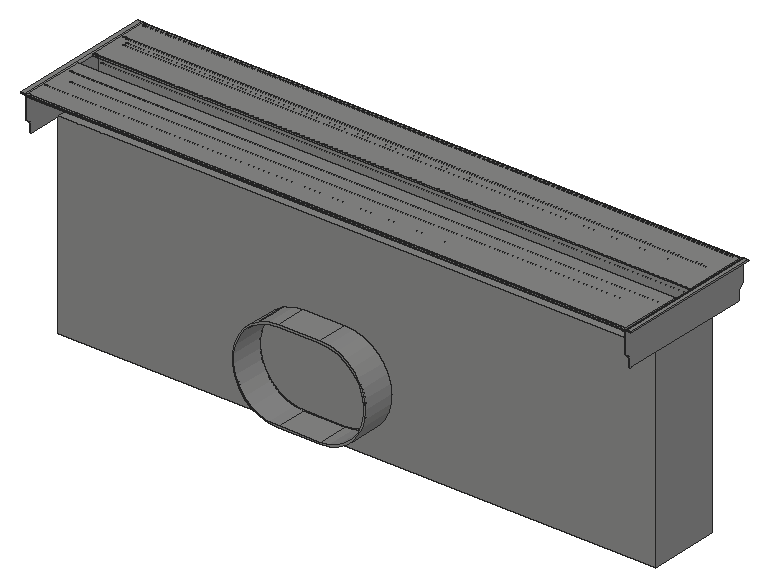
Revit family "Diffuser-Carnes-T_Bar_Mount-1-Slot-DTAA", category Duct Accessories, host Face, Revit 2014
Parameters (values of type "See Type Catalog")
  Supply Connector = yes
  Supply Connection = "Diffuser Supply Connector"  # constant formula
  Subcatagory = "Air Distribution"  # constant formula
  Specification Sheet = "http://www.carnes.com/AirDistribution/pdf/13100.pdf"
  Revit Object Download Link = "http://library.smartbim.com/download/Diffuser-Carnes-T_Bar_Mount-1-Slot-DTAA"
  Product Page URL = "http://www.carnes.com/AirDistribution/dtaa.phtml"
  Length = 24"
  Inlet Side Offset = 1 1/4"
  Inlet Nominal Size Width = 5 1/8"
  Inlet Nominal Size Height D = if(Inlet Nominal Size Width > 6", 5 1/4", 3 1/2")  # 3 1/2"
  Height = 9 1/16"  # constant formula
  Flow = 0 CFM
  Description = "Extruded Aluminum 1 Slot Diffuser T-Bar Mount"  # constant formula
  Profile Depth = 5.75918"
  URL = "http://www.carnes.com/"
  Model = "DTAA"  # constant formula
  Unit = Metal - Carnes - Steel Galvanized
  Manufacturer = "CARNES COMPANY"  # constant formula
  Depth = 2 3/4"
  Default Elevation = 0"
  D Depth = 2 3/4"
  Catalog = "http://www.carnes.com/AirDistribution/pdf/a462-465.pdf"
  Box Length = Length - 1/2"  # 23 1/2"
  B Radius = Inlet Width + 3"  # 63"
  Inlet Width = 60"
  Assembly Code = ""
  Inlet Offset = 10 1/2"
  95 CSI = ""
  04 CSI = ""
Reference planes (in)
  plane 1 "Center (Front/Back)": y = 0
  plane 2: z = 0
  plane 3 "Center (Left/Right)": x = 0.94
  plane 4: z = -1.25
  plane 5: y = 2.87959
  plane 6: y = -2.87959
  plane 7: z = 1.44451
  plane 8: x = -11.06
  plane 9: x = 12.94
  plane 10: z = -8.05549
  plane 11: z = -9.0625
Forms (in)
  Extrusion 1, void
    sketch origin (0.94, 0, 0) x (0, 1, 0) y (0, 0, 1)
      loop
        line (-1.375, 1.44451) -> (-1.375, -8.05549) -> (1.375, -8.05549) -> (1.375, 1.44451) -> (-1.375, 1.44451)
    from -12 to 12
Dimensions and locks (in)
  locked: plane 2 to plane 4 at 1.25
  equal spacing: plane 6, plane 1 "Center (Front/Back)", plane 5
  "Profile Depth": plane 6 to plane 5
  locked: plane 7 to host face at 1.44451
  equal spacing: plane 8, plane 3 "Center (Left/Right)", plane 9
  "Length": plane 8 to plane 9
  "D Depth": Extrusion 1 sketch curve to Extrusion 1 sketch curve
  plane 2 to plane 10 = 8.05549"
  "Height": plane 2 to plane 11
  aligned and locked: plane 2 to host face
  aligned and locked: level to host face
  aligned and locked: Extrusion 1 to plane 7
  aligned and locked: Extrusion 1 to plane 10
  aligned and locked: plane 9 to Extrusion 1
  aligned and locked: plane 8 to Extrusion 1
Automatic sketch dimensions
  Extrusion 1 sketch curve to plane 10 = 0"
  plane 7 to Extrusion 1 sketch curve = 0"
  plane 1 "Center (Front/Back)" to Extrusion 1 sketch curve = 1 3/8"
  host sketch curve to host sketch curve = 10.64644"
  host sketch curve to host sketch curve = 30.48379"
Nested families (in)
  nested 1: "602-1001" at (1.88, 0, 0.04219) x (-1, 0, 0) z (0, 0, -1), type "Slot 1"
  nested 2: "CXPC" at (1.88, 0.00043, 0.05188) x (-1, 0, 0) z (0, 0, -1), type "Parametric"
Connectors (in)
  hvac at (-0.31, -2.62457, -6.58911), driven by "Inlet Nominal Size Height D", driven by "Inlet Nominal Size Width", driven by "Supply Connector", driven by "Supply Connection"
    settings: on nested 2, index 1, duct flow 0 CFM, flow factor 0, pres drop 0.00 in-wg, loss coef 0, conn angle 0.00°, conn width 5 1/8", conn height 3 1/2", conn diameter 24", duct sys type 1, conn prof type 2, flow config 1, flow direction 1, loss method 0, conn ref index -1, conn util yes, is conn primary yes, conn desc "Diffuser Supply Connector"
Definition of nested family "602-1001"
  Parameters (values of type "Slot 1")
    Length = 24"
    URL = ""
    Model = ""
    Unit = Metal - Carnes - Steel Galvanized
    Manufacturer = ""
    Height = 1.44451"
    Depth = 5.75918"
    Default Elevation = 0"
    Assembly Code = ""
    95 CSI = ""
    04 CSI = ""
  Reference planes (in)
    plane 1 "Center (Front/Back)": y = 0
    plane 2: z = 0
    plane 3 "Center (Left/Right)": x = 0.94
    plane 4: z = -18
    plane 5: y = -2.87959
    plane 6: y = 2.87959
    plane 7: z = 1.44451
    plane 8: x = 12.94
    plane 9: x = -11.06
    plane 10: x = -10.81
    plane 11: x = 12.69
  Forms (in)
    Extrusion 1, solid
      sketch origin (0, -5, 0) x (1, 0, 0) y (0, 1, 0)
        loop
          line (-48, 48) -> (-48, -48) -> (48, -48) -> (48, 48) -> (-48, 48)
      from 0 to -1
    Sweep 2, solid, material "Metal - Carnes - Steel Galvanized" <- "Unit"
      path origin (0, 0, 0) x (1, 0, 0) y (0, 0, -1)
        loop
          line (-10.81, -1.4375) -> (12.69, -1.4375)
      profile origin (0.94, 0, 1.4375) x (0, 0, -1) y (0, 1, 0)
        loop
          line (0.77177, 0.66971) -> (0.02351, 0.67212)
          arc (0.02351, 0.67212) -> (0.00689, 0.66528) -> (0, 0.64868) r 0.02344
          line (0, 0.64868) -> (0, 0.52249)
          arc (0, 0.52249) -> (0.00711, 0.50528) -> (0.0243, 0.49811) r 0.02438
          line (0.0243, 0.49811) -> (0.12374, 0.49779)
          arc (0.12374, 0.49779) -> (0.13793, 0.50363) -> (0.14381, 0.5178) r 0.02001
          line (0.14381, 0.5178) -> (0.14381, 0.57203) -> (0.08198, 0.57203) -> (0.08198, 0.62193) -> (1.35805, 0.62193) -> (1.35805, 0.56982) -> (1.29798, 0.56982) -> (1.29798, 0.51394)
          arc (1.29798, 0.51394) -> (1.30384, 0.4998) -> (1.31798, 0.49395) r 0.01999
          line (1.31798, 0.49395) -> (1.36794, 0.49395)
          arc (1.36794, 0.49395) -> (1.38311, 0.48766) -> (1.38939, 0.47249) r 0.02146
          line (1.38939, 0.47249) -> (1.38939, 0.36155) -> (1.43931, 0.36155) -> (1.4473, 2.84098)
          arc (1.4473, 2.84098) -> (1.4415, 2.85523) -> (1.42736, 2.86129) r 0.02024
          line (1.42736, 2.86129) -> (1.37214, 2.8621)
          arc (1.37214, 2.8621) -> (1.3472, 2.83715) -> (1.37214, 2.81221) r 0.02494
          arc (1.37214, 2.81221) -> (1.38952, 2.8078) -> (1.39714, 2.79156) r 0.02097
          line (1.39714, 2.79156) -> (1.39464, 2.01695)
          arc (1.39464, 2.01695) -> (1.36148, 1.9729) -> (1.30987, 1.99227) r 0.04603
          arc (1.30987, 1.99227) -> (1.21866, 2.05073) -> (1.11491, 2.01955) r 0.12967
          arc (1.11491, 2.01955) -> (1.11307, 1.98093) -> (1.15173, 1.98027) r 0.02693
          arc (1.15173, 1.98027) -> (1.26735, 1.93319) -> (1.15309, 1.8829) r 0.06779
          arc (1.15309, 1.8829) -> (1.11184, 1.88048) -> (1.11661, 1.83943) r 0.02842
          arc (1.11661, 1.83943) -> (1.21727, 1.81173) -> (1.31004, 1.85962) r 0.14342
          arc (1.31004, 1.85962) -> (1.3613, 1.87887) -> (1.39406, 1.83498) r 0.04558
          line (1.39406, 1.83498) -> (1.39069, 0.78783) -> (1.34866, 0.78783)
          arc (1.34866, 0.78783) -> (1.33442, 0.78193) -> (1.32852, 0.76768) r 0.02014
          line (1.32852, 0.76768) -> (1.32852, 0.73691) -> (1.39052, 0.73671) -> (1.3903, 0.66771) -> (0.8443, 0.66947) -> (0.84452, 0.73652) -> (0.90652, 0.73632) -> (0.90652, 0.76854)
          arc (0.90652, 0.76854) -> (0.90075, 0.78251) -> (0.88679, 0.78834) r 0.0198
          line (0.88679, 0.78834) -> (0.81481, 0.78857)
          arc (0.81481, 0.78857) -> (0.80056, 0.78272) -> (0.79462, 0.76851) r 0.02012
          line (0.79462, 0.76851) -> (0.79437, 0.69216)
          arc (0.79437, 0.69216) -> (0.78772, 0.67625) -> (0.77177, 0.66971) r 0.02253
        loop
          arc (0.77177, -0.66971) -> (0.78772, -0.67625) -> (0.79437, -0.69216) r 0.02253
          line (0.79437, -0.69216) -> (0.79462, -0.76851)
          arc (0.79462, -0.76851) -> (0.80056, -0.78272) -> (0.81481, -0.78857) r 0.02012
          line (0.81481, -0.78857) -> (0.88679, -0.78834)
          arc (0.88679, -0.78834) -> (0.90075, -0.78251) -> (0.90652, -0.76854) r 0.0198
          line (0.90652, -0.76854) -> (0.90652, -0.73632) -> (0.84452, -0.73652) -> (0.8443, -0.66947) -> (1.3903, -0.66771) -> (1.39052, -0.73671) -> (1.32852, -0.73691) -> (1.32852, -0.76768)
          arc (1.32852, -0.76768) -> (1.33442, -0.78193) -> (1.34866, -0.78783) r 0.02014
          line (1.34866, -0.78783) -> (1.39069, -0.78783) -> (1.39406, -1.83498)
          arc (1.39406, -1.83498) -> (1.3613, -1.87887) -> (1.31004, -1.85962) r 0.04558
          arc (1.31004, -1.85962) -> (1.21727, -1.81173) -> (1.11661, -1.83943) r 0.14342
          arc (1.11661, -1.83943) -> (1.11184, -1.88048) -> (1.15309, -1.8829) r 0.02842
          arc (1.15309, -1.8829) -> (1.26735, -1.93319) -> (1.15173, -1.98027) r 0.06779
          arc (1.15173, -1.98027) -> (1.11307, -1.98093) -> (1.11491, -2.01955) r 0.02693
          arc (1.11491, -2.01955) -> (1.21866, -2.05073) -> (1.30987, -1.99227) r 0.12967
          arc (1.30987, -1.99227) -> (1.36148, -1.9729) -> (1.39464, -2.01695) r 0.04603
          line (1.39464, -2.01695) -> (1.39714, -2.79156)
          arc (1.39714, -2.79156) -> (1.38952, -2.8078) -> (1.37214, -2.81221) r 0.02097
          arc (1.37214, -2.81221) -> (1.3472, -2.83715) -> (1.37214, -2.8621) r 0.02494
          line (1.37214, -2.8621) -> (1.42736, -2.86129)
          arc (1.42736, -2.86129) -> (1.4415, -2.85523) -> (1.4473, -2.84098) r 0.02024
          line (1.4473, -2.84098) -> (1.43931, -0.36155) -> (1.38939, -0.36155) -> (1.38939, -0.47249)
          arc (1.38939, -0.47249) -> (1.38311, -0.48766) -> (1.36794, -0.49395) r 0.02146
          line (1.36794, -0.49395) -> (1.31798, -0.49395)
          arc (1.31798, -0.49395) -> (1.30384, -0.4998) -> (1.29798, -0.51394) r 0.01999
          line (1.29798, -0.51394) -> (1.29798, -0.56982) -> (1.35805, -0.56982) -> (1.35805, -0.62193) -> (0.08198, -0.62193) -> (0.08198, -0.57203) -> (0.14381, -0.57203) -> (0.14381, -0.5178)
          arc (0.14381, -0.5178) -> (0.13793, -0.50363) -> (0.12374, -0.49779) r 0.02001
          line (0.12374, -0.49779) -> (0.0243, -0.49811)
          arc (0.0243, -0.49811) -> (0.00711, -0.50528) -> (0, -0.52249) r 0.02438
          line (0, -0.52249) -> (0, -0.64868)
          arc (0, -0.64868) -> (0.00689, -0.66528) -> (0.02351, -0.67212) r 0.02344
          line (0.02351, -0.67212) -> (0.77177, -0.66971)
    Sweep 3, solid, material "Metal - Carnes - Steel Galvanized" <- "Unit"
      path origin (0.94, 0, 0) x (0, 1, 0) y (0, 0, 1)
        loop
          line (2.87959, 1.44451) -> (-2.87959, 1.44451)
      profile origin (0.94, 0, 1.44451) x (0, 0, -1) y (1, 0, 0)
        loop
          line (1.3803, -11.75) -> (0, -11.75) -> (0, -11.7859) -> (1.37428, -11.7859)
          arc (1.37428, -11.7859) -> (1.39593, -11.79487) -> (1.40489, -11.81651) r 0.03061
          line (1.40489, -11.81651) -> (1.40489, -12) -> (1.44451, -12) -> (1.44451, -11.81421)
          arc (1.44451, -11.81421) -> (1.4257, -11.76881) -> (1.3803, -11.75) r 0.06421
        loop
          arc (1.3803, 11.75) -> (1.4257, 11.76881) -> (1.44451, 11.81421) r 0.06421
          line (1.44451, 11.81421) -> (1.44451, 12) -> (1.40489, 12) -> (1.40489, 11.81651)
          arc (1.40489, 11.81651) -> (1.39593, 11.79487) -> (1.37428, 11.7859) r 0.03061
          line (1.37428, 11.7859) -> (0, 11.7859) -> (0, 11.75) -> (1.3803, 11.75)
    Extrusion 4, void
      sketch origin (0.94, 0, 0) x (0, 1, 0) y (0, 0, 1)
        loop
          line (2.87959, 1.44451) -> (2.62155, 1.44451)
          arc (2.62155, 1.44451) -> (2.66739, 1.42552) -> (2.68638, 1.37968) r 0.06483
          line (2.68638, 1.37968) -> (2.68638, 1.10478)
          arc (2.68638, 1.10478) -> (2.69029, 1.08506) -> (2.70142, 1.06831) r 0.05175
          line (2.70142, 1.06831) -> (2.87959, 0.88899) -> (2.87959, 1.44451)
        loop
          line (-2.87959, 1.44451) -> (-2.87959, 0.88899) -> (-2.70142, 1.06831)
          arc (-2.70142, 1.06831) -> (-2.69029, 1.08506) -> (-2.68638, 1.10478) r 0.05175
          line (-2.68638, 1.10478) -> (-2.68638, 1.37968)
          arc (-2.68638, 1.37968) -> (-2.66739, 1.42552) -> (-2.62155, 1.44451) r 0.06483
          line (-2.62155, 1.44451) -> (-2.87959, 1.44451)
      from -12 to 12
  Cuts and joins
    Extrusion 4 cuts Sweep 3
  Lines and regions (in)
    Masking region 1
      outline origin (0, 0, 0) x (1, 0, 0) y (0, 1, 0)
        loop
          line (-11.06, 2.87959) -> (-11.06, -2.87959) -> (12.94, -2.87959) -> (12.94, 2.87959) -> (-11.06, 2.87959)
    symbolic lines, style "Diffuser"
      curve 1: line (-10.81, 0.36155, 0) -> (12.69, 0.36155, 0)
      curve 2: line (12.69, -0.36155, 0) -> (-10.81, -0.36155, 0)
      curve 3: line (12.69, -2.87959, 0) -> (12.69, 2.87959, 0)
      curve 4: line (-10.81, 2.87959, 0) -> (-10.81, -2.87959, 0)
  Dimensions and locks (in)
    locked: plane 2 to plane 4 at 18
    plane 7 to Extrusion 1 = 1.44451"
    locked: plane 10 to plane 9 at 0.25
    locked: plane 8 to plane 11 at 0.25
    "Height": plane 7 to Extrusion 1
    equal spacing: plane 5, plane 1 "Center (Front/Back)", plane 6
    "Depth": plane 5 to plane 6
    equal spacing: plane 8, plane 3 "Center (Left/Right)", plane 9
    "Length": plane 8 to plane 9
    aligned and locked: plane 2 to Extrusion 1
    aligned and locked: level to Extrusion 1
    aligned and locked: plane 11 to Sweep 2 sketch curve
    aligned and locked: plane 10 to Sweep 2 sketch curve
    aligned and locked: Sweep 3 sketch curve to plane 10
    aligned and locked: Extrusion 4 to plane 9
    aligned and locked: Extrusion 4 to plane 8
    aligned and locked: plane 11 to Sweep 3 sketch curve
  Automatic sketch dimensions
    Extrusion 1 sketch curve to Extrusion 1 sketch curve = 96"  (x2)
    level to Sweep 2 sketch curve = 1 7/16"
    Sweep 3 sketch curve to plane 5 = 0"
    Sweep 3 sketch curve to plane 6 = 0"
    plane 7 to Sweep 3 sketch curve = 0"
    Sweep 2 sketch curve to profile plane = 0"  (x2)
    Sweep 2 sketch curve to Sweep 2 sketch curve = 3/128"  (x2)
    Sweep 2 sketch curve to Sweep 2 sketch curve = 0.00008"  (x4)
    Sweep 2 sketch curve to profile plane = 0.0243"  (x2)
    Sweep 2 sketch curve to Sweep 2 sketch curve = 0.0576"  (x2)
    Sweep 2 sketch curve to Sweep 2 sketch curve = 0.04175"  (x2)
    Sweep 2 sketch curve to Sweep 2 sketch curve = 0.00006"  (x8)
    Sweep 2 sketch curve to Sweep 2 sketch curve = 0.02001"  (x2)
    Sweep 2 sketch curve to Sweep 2 sketch curve = 0.62797"  (x2)
    Sweep 2 sketch curve to Sweep 2 sketch curve = 0.00007"  (x7)
    Sweep 2 sketch curve to Sweep 2 sketch curve = 0.02253"  (x2)
    Sweep 2 sketch curve to Sweep 2 sketch curve = 0.00025"  (x2)
    Sweep 2 sketch curve to Sweep 2 sketch curve = 0.02012"  (x2)
    Sweep 2 sketch curve to Sweep 2 sketch curve = 0.04993"  (x2)
    profile plane to Sweep 2 sketch curve = 0.73652"
    Sweep 2 sketch curve to Sweep 2 sketch curve = 0.02978"  (x2)
    Sweep 2 sketch curve to profile plane = 0.73652"
    Sweep 2 sketch curve to Sweep 2 sketch curve = 0.04221"  (x2)
    Sweep 2 sketch curve to Sweep 2 sketch curve = 0.0198"  (x2)
    Sweep 2 sketch curve to profile plane = 1.13272"  (x2)
    Sweep 2 sketch curve to Sweep 2 sketch curve = 0.00089"  (x2)
    Sweep 2 sketch curve to Sweep 2 sketch curve = 0.06685"  (x2)
    Sweep 2 sketch curve to Sweep 2 sketch curve = 0.00112"  (x2)
    Sweep 2 sketch curve to Sweep 2 sketch curve = 0.00281"  (x2)
    Sweep 2 sketch curve to Sweep 2 sketch curve = 0.39146"  (x2)
    Sweep 2 sketch curve to Sweep 2 sketch curve = 0.01999"  (x2)
    Sweep 2 sketch curve to Sweep 2 sketch curve = 0.03054"  (x2)
    Sweep 2 sketch curve to Sweep 2 sketch curve = 0.14779"  (x2)
    Sweep 2 sketch curve to Sweep 2 sketch curve = 0.14624"  (x2)
    Sweep 2 sketch curve to Sweep 2 sketch curve = 0.02014"  (x2)
    Sweep 2 sketch curve to Sweep 2 sketch curve = 0.06007"  (x2)
    Sweep 2 sketch curve to Sweep 2 sketch curve = 0.04996"  (x2)
    Sweep 2 sketch curve to Sweep 2 sketch curve = 0.02352"  (x2)
    Sweep 2 sketch curve to Sweep 2 sketch curve = 0.00403"  (x2)
    Sweep 2 sketch curve to Sweep 2 sketch curve = 0.02146"  (x2)
    Sweep 2 sketch curve to profile plane = 0.66771"
    Sweep 2 sketch curve to Sweep 2 sketch curve = 0.03224"  (x2)
    profile plane to Sweep 2 sketch curve = 0.66771"
    Sweep 2 sketch curve to profile plane = 0.73671"
    profile plane to Sweep 2 sketch curve = 0.73671"
    Sweep 2 sketch curve to Sweep 2 sketch curve = 0.04202"  (x2)
    Sweep 2 sketch curve to Sweep 2 sketch curve = 0.04558"  (x2)
    Sweep 2 sketch curve to Sweep 2 sketch curve = 0.04603"  (x2)
    Sweep 2 sketch curve to Sweep 2 sketch curve = 0.02097"  (x2)
    Sweep 2 sketch curve to Sweep 2 sketch curve = 0.05492"  (x2)
    Sweep 2 sketch curve to Sweep 2 sketch curve = 0.0003"  (x2)
    Sweep 2 sketch curve to profile plane = 0.36155"
    Sweep 2 sketch curve to Sweep 2 sketch curve = 0.04992"  (x2)
    profile plane to Sweep 2 sketch curve = 0.36155"
    Sweep 2 sketch curve to Sweep 2 sketch curve = 0.02024"  (x2)
    Sweep 2 sketch curve to Sweep 2 sketch curve = 0.03077"  (x2)
    Sweep 2 sketch curve to Sweep 2 sketch curve = 0.03193"  (x2)
    Sweep 2 sketch curve to Sweep 2 sketch curve = 0.03222"  (x2)
    Sweep 2 sketch curve to Sweep 2 sketch curve = 1.04716"  (x2)
    Sweep 2 sketch curve to Sweep 2 sketch curve = 0.00015"  (x4)
    Sweep 2 sketch curve to Sweep 2 sketch curve = 0.02708"  (x2)
    Sweep 2 sketch curve to Sweep 2 sketch curve = 0.0601"  (x2)
    Sweep 2 sketch curve to Sweep 2 sketch curve = 0.00994"  (x2)
    Sweep 2 sketch curve to Sweep 2 sketch curve = 0.02214"  (x2)
    Sweep 2 sketch curve to Sweep 2 sketch curve = 0.04497"  (x2)
    Sweep 2 sketch curve to Sweep 2 sketch curve = 0.18196"  (x2)
    Sweep 2 sketch curve to Sweep 2 sketch curve = 0.77462"  (x2)
    Sweep 2 sketch curve to Sweep 2 sketch curve = 0.02494"  (x2)
    Sweep 2 sketch curve to Sweep 2 sketch curve = 0.04942"  (x2)
    Sweep 2 sketch curve to Sweep 2 sketch curve = 0.02276"
    Sweep 2 sketch curve to profile plane = 0.67212"
    Sweep 2 sketch curve to Sweep 2 sketch curve = 0.04579"
    Sweep 2 sketch curve to Sweep 2 sketch curve = 0.0499"
    Sweep 2 sketch curve to Sweep 2 sketch curve = 0.05211"  (x2)
    Sweep 2 sketch curve to Sweep 2 sketch curve = 0.04954"
    Sweep 2 sketch curve to Sweep 2 sketch curve = 0.05423"  (x2)
    Sweep 2 sketch curve to Sweep 2 sketch curve = 0.05588"  (x2)
    Sweep 2 sketch curve to Sweep 2 sketch curve = 0.11094"
    profile plane to Sweep 2 sketch curve = 0.49779"
    Sweep 2 sketch curve to Sweep 2 sketch curve = 0.00032"
    Sweep 2 sketch curve to Sweep 2 sketch curve = 0.02675"
    Sweep 2 sketch curve to Sweep 2 sketch curve = 0.00023"
    Sweep 2 sketch curve to Sweep 2 sketch curve = 0.02245"
    Sweep 2 sketch curve to Sweep 2 sketch curve = 0.01782"  (x2)
    Sweep 2 sketch curve to Sweep 2 sketch curve = 0"  (x6)
    Sweep 2 sketch curve to Sweep 2 sketch curve = 0.017"  (x2)
    Extrusion 4 sketch curve to plane 5 = 0"
    plane 7 to Extrusion 4 sketch curve = 0"  (x2)
    Extrusion 4 sketch curve to plane 6 = 0"
    plane 5 to Extrusion 4 sketch curve = 0.14146"
    Extrusion 4 sketch curve to Extrusion 4 sketch curve = 0.03671"
    Extrusion 4 sketch curve to Extrusion 4 sketch curve = 0.01504"  (x2)
    Extrusion 4 sketch curve to Extrusion 4 sketch curve = 0.06483"
    plane 7 to Extrusion 4 sketch curve = 0.06483"
    plane 6 to Extrusion 4 sketch curve = 0.25804"
    Extrusion 4 sketch curve to Extrusion 4 sketch curve = 0.05175"
    Extrusion 4 sketch curve to Extrusion 4 sketch curve = 0.27489"  (x2)
    Extrusion 4 sketch curve to Extrusion 4 sketch curve = 0.17932"  (x2)
    Masking region 1 sketch curve to plane 5 = 0"
    Masking region 1 sketch curve to plane 9 = 0"
    Masking region 1 sketch curve to plane 8 = 0"
    plane 6 to Masking region 1 sketch curve = 0"
    Sweep 3 sketch curve to profile plane = 0"  (x2)
    Sweep 3 sketch curve to profile plane = 1.37428"  (x2)
    Sweep 3 sketch curve to Sweep 3 sketch curve = 0.00602"  (x2)
    Sweep 3 sketch curve to Sweep 3 sketch curve = 0.03061"
    Sweep 3 sketch curve to Sweep 3 sketch curve = 0.0246"
    Sweep 3 sketch curve to Sweep 3 sketch curve = 0.03961"  (x2)
    Sweep 3 sketch curve to Sweep 3 sketch curve = 0.0023"
    Sweep 3 sketch curve to Sweep 3 sketch curve = 0.18579"  (x2)
    Sweep 3 sketch curve to Sweep 3 sketch curve = 0.0359"
    curve 2 to plane 10 = 0"
    plane 6 to curve 3 = 0"
    curve 3 to plane 11 = 0"
    curve 3 to plane 5 = 0"
    curve 4 to plane 5 = 0"
    plane 6 to curve 4 = 0"
    plane 1 "Center (Front/Back)" to curve 2 = 0.36155"
    curve 1 to plane 1 "Center (Front/Back)" = 0.36155"
Definition of nested family "CXPC"
  Parameters (values of type "Parametric")
    Slot Width = 1 75/128"
    Inlet Offset = 1 1/4"
    Inlet Nominal Size Width = 5 1/8"
    Inlet Nominal Size Height D = if(Inlet Nominal Size Width > 6", 5 1/4", 3 1/2")  # 3 1/2"
    Half Inlet Width = Inlet Nominal Size Width / 2  # 2 9/16"
    Length = 23 1/2"
    Depth = 2 3/4"
    Height = 9 1/16"  # constant formula
    URL = "http://www.carnes.com/"
    Model = "DGAA"  # constant formula
    Unit = Metal - Carnes - Steel Galvanized
    Manufacturer = ""
    Default Elevation = 0"
    B Radius = B + 3"  # 63"
    B = 60"
    Assembly Code = ""
    A = 10 1/2"
    95 CSI = ""
    04 CSI = ""
  Reference planes (in)
    plane 1 "Center (Front/Back)": y = 0
    plane 2: z = 0
    plane 3 "Center (Left/Right)": x = 0.94
    plane 4: x = -10.81
    plane 5: x = 12.69
    plane 6: z = 9.0625
    plane 7: z = 8.5625
    plane 8: z = 60
    plane 9: x = -10.7475
    plane 10: x = 12.6275
    plane 11: z = -18
    plane 12: y = 1.375
    plane 13: y = 1.125
    plane 14: y = -1.375
    plane 15: y = -1.125
    plane 16: y = -2.625
    plane 17: x = 2.19
    plane 18: z = 0.84375
    plane 19: y = -0.79297
    plane 20: y = 0.79297
    plane 21: z = 8.39099
    plane 22: z = 4.89099
  Forms (in)
    Extrusion 1, solid
      sketch origin (0, 0, 0) x (1, 0, 0) y (0, 1, 0)
        loop
          line (-10.81, 1.375) -> (-10.81, -2.625) -> (12.69, -2.625) -> (12.69, 1.375) -> (-10.81, 1.375)
      from 0 to -1
    Extrusion 2, solid, material "Metal - Carnes - Steel Galvanized" <- "Unit"
      sketch origin (0, 0, 0) x (1, 0, 0) y (0, 0, 1)
        loop
          line (-10.81, 9.0625) -> (-10.81, 8.5625) -> (12.69, 8.5625) -> (12.69, 9.0625) -> (-10.81, 9.0625)
      from -1.125 to 1.125
    Extrusion 3, solid, material "Metal - Carnes - Steel Galvanized" <- "Unit"
      sketch origin (0, 0, 0) x (1, 0, 0) y (0, 1, 0)
        loop
          line (-10.81, 1.375) -> (-10.81, 1.125) -> (12.69, 1.125) -> (12.69, 1.375) -> (-10.81, 1.375)
        loop
          line (-10.81, -1.125) -> (-10.81, -1.375) -> (12.69, -1.375) -> (12.69, -1.125) -> (-10.81, -1.125)
      from 1.4375 to 9.0625
    Sweep 4, solid, material "Metal - Carnes - Steel Galvanized" <- "Unit"
      path in 3D
        loop
          line (-10.81, -1.125, 1.4375) -> (12.69, -1.125, 1.4375)
      profile origin (0.94, -1.125, 1.4375) x (0, -1, 0) y (0, 0, -1)
        loop
          line (-1.91797, 0) -> (-1.91797, 0.89784)
          arc (-1.91797, 0.89784) -> (-1.88726, 0.92855) -> (-1.85655, 0.89784) r 0.03071
          line (-1.85655, 0.89784) -> (-1.85655, 0.83461) -> (-1.8253, 0.83461) -> (-1.8253, 0.89765)
          arc (-1.8253, 0.89765) -> (-1.88727, 0.95963) -> (-1.94925, 0.89765) r 0.06198
          line (-1.94925, 0.89765) -> (-1.94925, 0.03125) -> (-2.5, 0.03125) -> (-2.5, 0) -> (-1.91797, 0)
        loop
          line (-0.33203, 0) -> (0.25, 0) -> (0.25, 0.03125) -> (-0.30075, 0.03125) -> (-0.30075, 0.89765)
          arc (-0.30075, 0.89765) -> (-0.36273, 0.95963) -> (-0.4247, 0.89765) r 0.06198
          line (-0.4247, 0.89765) -> (-0.4247, 0.83461) -> (-0.39345, 0.83461) -> (-0.39345, 0.89784)
          arc (-0.39345, 0.89784) -> (-0.36274, 0.92855) -> (-0.33203, 0.89784) r 0.03071
          line (-0.33203, 0.89784) -> (-0.33203, 0)
    Extrusion 5, solid, material "Metal - Carnes - Steel Galvanized" <- "Unit"
      sketch origin (12.69, 0, 9.0625) x (0, 0, -1) y (0, 1, 0)
        loop
          line (0, -1.375) -> (7.625, -1.375) -> (7.625, 1.375) -> (0, 1.375) -> (0, -1.375)
      from -0.0625 to 0
    Extrusion 6, solid, material "Metal - Carnes - Steel Galvanized" <- "Unit"
      sketch origin (-10.81, 0, 9.0625) x (0, 0, -1) y (0, -1, 0)
        loop
          line (0, 1.375) -> (0, -1.375) -> (7.625, -1.375) -> (7.625, 1.375) -> (0, 1.375)
      from -0.0625 to 0
    Extrusion 7, void
      sketch origin (0, 0, 0) x (1, 0, 0) y (0, 0, 1)
        loop
          arc (1.3775, 8.39099) -> (-0.3725, 6.64099) -> (1.3775, 4.89099) r 1.75
          line (1.3775, 4.89099) -> (3.0025, 4.89099)
          arc (3.0025, 4.89099) -> (4.7525, 6.64099) -> (3.0025, 8.39099) r 1.75
          line (3.0025, 8.39099) -> (1.3775, 8.39099)
      from 1.375 to 1.34378
    Extrusion 8, solid, material "Metal - Carnes - Steel Galvanized" <- "Unit"
      sketch origin (-11.06, -0.875, 0) x (1, 0, 0) y (0, 0, 1)
        loop
          arc (12.4375, 8.39099) -> (10.6875, 6.64099) -> (12.4375, 4.89099) r 1.75
          line (12.4375, 4.89099) -> (14.0625, 4.89099)
          arc (14.0625, 4.89099) -> (15.8125, 6.64099) -> (14.0625, 8.39099) r 1.75
          line (14.0625, 8.39099) -> (12.4375, 8.39099)
        loop
          arc (12.4375, 8.45349) -> (10.625, 6.64099) -> (12.4375, 4.82849) r 1.8125
          line (12.4375, 4.82849) -> (14.0625, 4.82849)
          arc (14.0625, 4.82849) -> (15.875, 6.64099) -> (14.0625, 8.45349) r 1.8125
          line (14.0625, 8.45349) -> (12.4375, 8.45349)
      from 0.25 to 1.75
  Cuts and joins
    Extrusion 7 cuts Extrusion 2
    Extrusion 7 cuts Extrusion 3
    Extrusion 7 cuts Sweep 4
    Extrusion 7 cuts Extrusion 5
    Extrusion 7 cuts Extrusion 6
    joined: Extrusion 2, Extrusion 3, Sweep 4, Extrusion 5, Extrusion 6
  Lines and regions (in)
    sketch lines
      curve 1: line (-10.81, -1.125, 1.4375) -> (12.69, -1.125, 1.4375)
  Dimensions and locks (in)
    equal spacing: plane 4, plane 3 "Center (Left/Right)", plane 5
    "Length": plane 4 to plane 5
    "Height": plane 6 to plane 2
    locked: plane 6 to plane 7 at 0.5
    level to plane 11 = 18"
    plane 6 to Extrusion 1 = 9 1/16"
    plane 8 to Extrusion 1 = 60"
    "Inlet Offset": plane 16 to plane 14
    "Depth": plane 12 to plane 14
    locked: plane 15 to plane 14 at 0.25
    locked: plane 12 to plane 13 at 0.25
    equal spacing: plane 12, plane 1 "Center (Front/Back)", plane 14
    locked: plane 10 to plane 5 at 0.0625
    locked: plane 9 to plane 4 at 0.0625
    "B": plane 8 to plane 2
    "A": plane 17 to plane 5
    locked: plane 18 to plane 2 at 0.84375
    Sweep 4 sketch curve to plane 18 to Sweep 4 sketch curve to Sweep 4 sketch curve to Sweep 4 sketch curve = 9/16" locked, 0.24086" locked, 0.09394" locked, 0.03107" locked  (x2)
    Sweep 4 sketch curve to Sweep 4 sketch curve to plane 19 to Sweep 4 sketch curve = 1/32" locked, 0.06142" locked, 0.03128" locked
    Sweep 4 sketch curve to plane 20 to Sweep 4 sketch curve to Sweep 4 sketch curve = 0.03128" locked, 0.06142" locked, 1/32" locked
    equal spacing: plane 20, plane 1 "Center (Front/Back)", plane 19
    "Slot Width": plane 20 to plane 19
    "Half Inlet Width": plane 17 to Extrusion 8 sketch curve
    "Half Inlet Width": Extrusion 8 sketch curve to plane 17
    "Inlet Nominal Size Height D": plane 21 to plane 22
    aligned and locked: plane 2 to Extrusion 1
    aligned and locked: level to Extrusion 1
    aligned and locked: Extrusion 2 sketch curve to plane 6
    aligned and locked: Extrusion 2 sketch curve to plane 7
    aligned and locked: Extrusion 2 sketch curve to plane 4
    aligned and locked: plane 5 to Extrusion 2 sketch curve
    aligned and locked: Extrusion 3 sketch curve to plane 12
    aligned and locked: Extrusion 3 sketch curve to plane 13
    aligned and locked: plane 15 to Extrusion 3 sketch curve
    aligned and locked: plane 14 to Extrusion 3 sketch curve
    aligned and locked: Extrusion 3 sketch curve to plane 4
    aligned and locked: plane 5 to Extrusion 3 sketch curve
    aligned and locked: plane 6 to Extrusion 3
    aligned and locked: Extrusion 2 to Extrusion 3  (x2)
    aligned and locked: plane 10 to Extrusion 5
    aligned and locked: Extrusion 5 to plane 5
    aligned and locked: Extrusion 6 sketch curve to cut or joined group of Extrusion 2, Extrusion 3, Sweep 4, Extrusion 5, Extrusion 6, Extrusion 7  (x2)
    aligned and locked: cut or joined group of Extrusion 2, Extrusion 3, Sweep 4, Extrusion 5, Extrusion 6, Extrusion 7 to Extrusion 6 sketch curve
    aligned and locked: plane 9 to Extrusion 6
    aligned and locked: Extrusion 6 to plane 4
    aligned and locked: plane 5 to cut or joined group of Extrusion 2, Extrusion 3, Sweep 4, Extrusion 5, Extrusion 6, Extrusion 7
    aligned and locked: Extrusion 7 to plane 14
    aligned and locked: Extrusion 6 to Extrusion 3
    aligned and locked: cut or joined group of Extrusion 2, Extrusion 3, Sweep 4, Extrusion 5, Extrusion 6, Extrusion 7 to cut or joined group of Extrusion 2, Extrusion 3, Sweep 4, Extrusion 5, Extrusion 6, Extrusion 7
    aligned and locked: plane 12 to Sweep 4 sketch curve
    aligned and locked: Sweep 4 sketch curve to plane 14
    aligned and locked: plane 19 to Sweep 4 sketch curve
    aligned and locked: Sweep 4 sketch curve to plane 20
    aligned and locked: Extrusion 8 to plane 16
    aligned and locked: cut or joined group of Extrusion 2, Extrusion 3, Sweep 4, Extrusion 5, Extrusion 6, Extrusion 7 to Extrusion 8
    aligned and locked: Extrusion 7 sketch curve to Extrusion 8  (x2)
    aligned and locked: Extrusion 8 sketch curve to plane 21
    aligned and locked: plane 22 to Extrusion 8 sketch curve
  Automatic sketch dimensions
    Extrusion 1 sketch curve to Extrusion 1 sketch curve = 23 1/2"
    Extrusion 1 sketch curve to Extrusion 1 sketch curve = 4"
    Extrusion 3 sketch curve to plane 4 = 0"
    Extrusion 3 sketch curve to plane 5 = 0"
    Extrusion 2 to Extrusion 5 sketch curve = 0"
    Extrusion 5 sketch curve to Extrusion 2 = 1/4"  (x2)
    Extrusion 5 sketch curve to Extrusion 2 = 7 1/8"
    Extrusion 2 to Extrusion 6 sketch curve = 7 1/8"
    profile plane to Sweep 4 sketch curve = 0"  (x2)
    Extrusion 8 sketch curve to Extrusion 8 sketch curve = 0"  (x3)
    Extrusion 8 sketch curve to Extrusion 8 sketch curve = 1/16"
Types in the file's own list only (36): name | Length | Inlet Nominal Size Width | Inlet Nominal Size Height D | Profile Depth | Box Length | Inlet Offset
  DTAA 24 x 5In | 24" | 5" | 3 1/2" | 5 97/128" | 23 1/2" | 10 1/2"
  DTAA 24 x 6IN | 24" | 6" | 3 1/2" | 5 97/128" | 23 1/2" | 10 1/2"
  DTAA 24 x 7IN | 24" | 7" | 5 1/4" | 5 97/128" | 23 1/2" | 10 1/2"
  DTAA 24 x 8IN | 24" | 8" | 5 1/4" | 5 97/128" | 23 1/2" | 10 1/2"
  DTAA 24 x 10IN | 24" | 10" | 5 1/4" | 5 97/128" | 23 1/2" | 10 1/2"
  DTAA 24 x 12IN | 24" | 12" | 5 1/4" | 5 97/128" | 23 1/2" | 10 1/2"
  DTAA 30 x 5In | 30" | 5" | 3 1/2" | 5 97/128" | 29 1/2" | 14 1/2"
  DTAA 30 x 6IN | 30" | 6" | 3 1/2" | 5 97/128" | 29 1/2" | 14 1/2"
  DTAA 30 x 7IN | 30" | 7" | 5 1/4" | 5 97/128" | 29 1/2" | 14 1/2"
  DTAA 30 x 8IN | 30" | 8" | 5 1/4" | 5 97/128" | 29 1/2" | 14 1/2"
  DTAA 30 x 10IN | 30" | 10" | 5 1/4" | 5 97/128" | 29 1/2" | 14 1/2"
  DTAA 30 x 12IN | 30" | 12" | 5 1/4" | 5 97/128" | 29 1/2" | 14 1/2"
  DTAA 36 x 5In | 36" | 5" | 3 1/2" | 5 97/128" | 35 1/2" | 17 1/2"
  DTAA 36 x 6IN | 36" | 6" | 3 1/2" | 5 97/128" | 35 1/2" | 17 1/2"
  DTAA 36 x 7IN | 36" | 7" | 5 1/4" | 5 97/128" | 35 1/2" | 17 1/2"
  DTAA 36 x 8IN | 36" | 8" | 5 1/4" | 5 97/128" | 35 1/2" | 17 1/2"
  DTAA 36 x 10IN | 36" | 10" | 5 1/4" | 5 97/128" | 35 1/2" | 17 1/2"
  DTAA 36 x 12IN | 36" | 12" | 5 1/4" | 5 97/128" | 35 1/2" | 17 1/2"
  DTAA 48 x 5In | 48" | 5" | 3 1/2" | 5 97/128" | 47 1/2" | 23 1/2"
  DTAA 48 x 6IN | 48" | 6" | 3 1/2" | 5 97/128" | 47 1/2" | 23 1/2"
  DTAA 48 x 7IN | 48" | 7" | 5 1/4" | 5 97/128" | 47 1/2" | 23 1/2"
  DTAA 48 x 8IN | 48" | 8" | 5 1/4" | 5 97/128" | 47 1/2" | 23 1/2"
  DTAA 48 x 10IN | 48" | 10" | 5 1/4" | 5 97/128" | 47 1/2" | 23 1/2"
  DTAA 48 x 12IN | 48" | 12" | 5 1/4" | 5 97/128" | 47 1/2" | 23 1/2"
  DTAA 60 x 5In | 60" | 5" | 3 1/2" | 5 97/128" | 59 1/2" | 29 1/2"
  DTAA 60 x 6IN | 60" | 6" | 3 1/2" | 5 97/128" | 59 1/2" | 29 1/2"
  DTAA 60 x 7IN | 60" | 7" | 5 1/4" | 5 97/128" | 59 1/2" | 29 1/2"
  DTAA 60 x 8IN | 60" | 8" | 5 1/4" | 5 97/128" | 59 1/2" | 29 1/2"
  DTAA 60 x 10IN | 60" | 10" | 5 1/4" | 5 97/128" | 59 1/2" | 29 1/2"
  DTAA 60 x 12IN | 60" | 12" | 5 1/4" | 5 97/128" | 59 1/2" | 29 1/2"
  DTAA 72 x 5In | 72" | 5" | 3 1/2" | 5 97/128" | 71 1/2" | 35 1/2"
  DTAA 72 x 6IN | 72" | 6" | 3 1/2" | 5 97/128" | 71 1/2" | 35 1/2"
  DTAA 72 x 7IN | 72" | 7" | 5 1/4" | 5 97/128" | 71 1/2" | 35 1/2"
  DTAA 72 x 8IN | 72" | 8" | 5 1/4" | 5 97/128" | 71 1/2" | 35 1/2"
  DTAA 72 x 10IN | 72" | 10" | 5 1/4" | 5 97/128" | 71 1/2" | 35 1/2"
  DTAA 72 x 12IN | 72" | 12" | 5 1/4" | 5 97/128" | 71 1/2" | 35 1/2"
